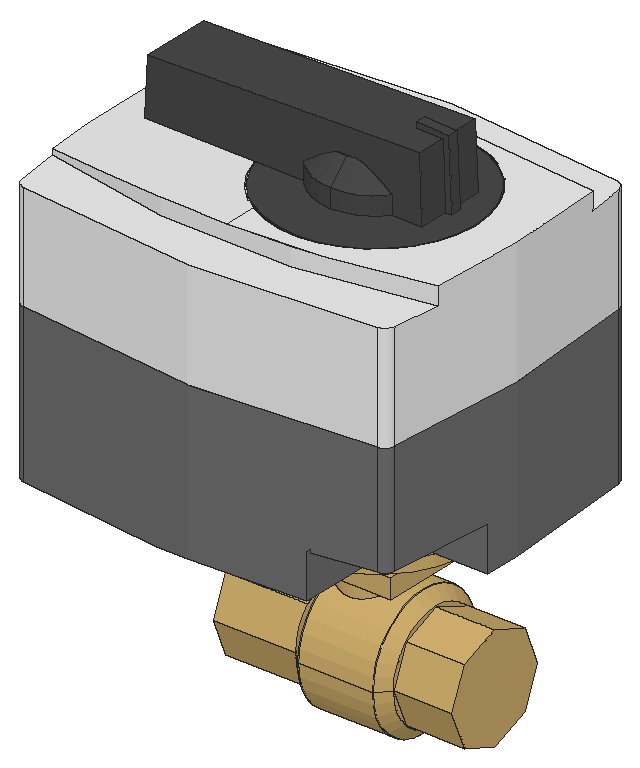
Revit family "AMZ 112_DN15-50_RFA", category Pipe Accessories, Revit 2019
Family settings
  Round Connector Dimension = Use Diameter
  Part Type = Valve - Breaks Into
  OmniClass Number = 23.65.55.14.17
  OmniClass Title = Adjusting/Controlling Valves for Liquid Services
  Work Plane-Based = No
  Always vertical = Yes
  Cut with Voids When Loaded = No
  Shared = No
Parameters (values of type "AMZ 112_DN15_24V_082G5400")
  Weight = 0.93 kg
  W_nut = 27.00 mm
  WS2 = -WS1  # -18.50 mm
  WS1 = 18.50 mm
  W [instance] = 84.00 mm
  Voltage = if(or(AMZ Actuator = [082G1638]), 230 V, if(or(AMZ Actuator = [082G1637], AMZ Actuator = [082G1638]), 24 V, 230 V))  # 24 V
  Valve Body Material = Danfoss Copper Alloy
  URL = "https://store.danfoss.com/en/Climate-Solutions-for-heating/Motorised-Control-Valves/On-off-Motorised-Zone-Valves/c/4103?q=%3Arelevance%3Adanfoss_producttypehierarchydesc%3AAMZ+112&page=0&pageSize=20"
  RV3 = 13.53 mm
  RV2 = 16.50 mm
  RV1 = 13.53 mm
  R1 = 8.50 mm
  Pressure Drop [instance] = 0.0 bar
  Power Supply = "24 VAC"
  Power Consumption = "2.5 VA"  # constant formula
  Power = 2.5 VA  # constant formula
  Nominal Flow (Text) = "PN 40"
  Model Type = "AMZ 112_DN15_24V"
  Model = "082G5400"
  Min Medium Temperature = "2 °C"  # constant formula
  Max Operating Pressure = "6 bar"  # constant formula
  Max Medium Temperature = "130 °C"  # constant formula
  Manufacturer = "Danfoss"  # constant formula
  LS = 37.70 mm
  LOD 350 = not(LOD 200)  # yes
  LOD 200 = no
  Length = 61.00 mm
  L3 = 3.00 mm
  L2 = 15.00 mm
  L1 = 21.00 mm
  L [instance] = 61.00 mm
  Kvs = 17.0 m³/h
  IfcExportType = "AMZ 112"  # constant formula
  IfcExportAs = "IfcValveType"  # constant formula
  HS = 5.00 mm
  H2 = H1 - HS  # 24.40 mm
  H1 = 29.40 mm
  H [instance] = 140.085 mm
  Flow [instance] = 0.0 m³/h
  Description = "Motorized Control Valve"  # constant formula
  D = 15.00 mm
  connector diameter = RV3 * 2  # 27.06 mm
  Connection = "Internal thread"  # constant formula
  AMZ Actuator = AMZ Actuator_RFA : AMZ 112/113 Actuator_24V_082G1637
  082G1638 = AMZ Actuator_RFA : AMZ 112/113 Actuator_230V_082G1638
  082G1637 = AMZ Actuator_RFA : AMZ 112/113 Actuator_24V_082G1637
Types (13, lengths in mm): name | Weight | W_nut | WS2 | WS1 | Voltage | RV3 | RV2 | RV1 | R1 | Power Supply | Nominal Flow (Text) | Model Type | Model | LS | Length | L3 | L2 | L1 | L | Kvs | HS | H2 | H1 | H | D | connector diameter | AMZ Actuator
  (no name) | 0.93 kg | 27.00 | -18.50 | 18.50 | 24 V | 13.53 | 16.50 | 13.53 | 8.50 | "24 VAC" | "PN 40" | "AMZ 112_DN15_24V" | "082G5400" | 37.70 | 61.00 | 3.00 | 15.00 | 21.00 | 61.00 | 17.0 m³/h | 5.00 | 24.40 | 29.40 | 140.085 | 15.00 | 27.06 | AMZ Actuator_RFA : AMZ 112/113 Actuator_24V_082G1637
  AMZ 112_DN15_24V_082G5400 | 0.93 kg | 27.00 | -18.50 | 18.50 | 24 V | 13.53 | 16.50 | 13.53 | 8.50 | "24 VAC" | "PN 40" | "AMZ 112_DN15_24V" | "082G5400" | 37.70 | 61.00 | 3.00 | 15.00 | 21.00 | 61.00 | 17.0 m³/h | 5.00 | 24.40 | 29.40 | 140.085 | 15.00 | 27.06 | AMZ Actuator_RFA : AMZ 112/113 Actuator_24V_082G1637
  AMZ 112_DN20_24V_082G5401 | 1.035 kg | 34.00 | -18.50 | 18.50 | 24 V | 17.00 | 19.50 | 17.00 | 8.50 | "24 VAC" | "PN 40" | "AMZ 112_DN20_24V" | "082G5401" | 37.70 | 69.50 | 3.00 | 24.50 | 16.50 | 130.00 | 28.0 m³/h | 5.00 | 28.00 | 33.00 | 200.685 | 20.00 | 34.00 | AMZ Actuator_RFA : AMZ 112/113 Actuator_24V_082G1637
  AMZ 112_DN25_24V_082G5402 | 1.258 kg | 41.30 | -21.00 | 21.00 | 24 V | 20.70 | 24.50 | 21.50 | 9.00 | "24 VAC" | "PN 40" | "AMZ 112_DN25_24V" | "082G5402" | 42.00 | 84.50 | 3.00 | 30.80 | 24.20 | 130.00 | 39.0 m³/h | 5.00 | 32.20 | 37.20 | 200.685 | 25.00 | 41.40 | AMZ Actuator_RFA : AMZ 112/113 Actuator_24V_082G1637
  AMZ 112_DN32_24V_082G5403 | 1.553 kg | 51.00 | -21.00 | 21.00 | 24 V | 25.50 | 30.00 | 25.50 | 11.00 | "24 VAC" | "PN 40" | "AMZ 112_DN32_24V" | "082G5403" | 42.00 | 98.50 | 6.00 | 26.20 | 30.00 | 130.00 | 84.0 m³/h | 5.50 | 42.00 | 47.50 | 200.685 | 32.00 | 51.00 | AMZ Actuator_RFA : AMZ 112/113 Actuator_24V_082G1637
  AMZ 112_DN40_24V_082G5404 | 1.956 kg | 60.00 | -21.00 | 21.00 | 24 V | 30.00 | 34.50 | 29.80 | 11.00 | "24 VAC" | "PN 25" | "AMZ 112_DN40_24V" | "082G5404" | 42.30 | 110.00 | 5.00 | 25.00 | 34.00 | 130.00 | 156.0 m³/h | 5.50 | 47.50 | 53.00 | 200.685 | 40.00 | 60.00 | AMZ Actuator_RFA : AMZ 112/113 Actuator_24V_082G1637
  AMZ 112_DN50_24V_082G5405 | 2.777 kg | 74.00 | -24.00 | 24.00 | 24 V | 37.00 | 42.50 | 39.50 | 13.00 | "24 VAC" | "PN 25" | "AMZ 112_DN50_24V" | "082G5405" | 48.20 | 130.00 | 3.00 | 41.50 | 32.50 | 130.00 | 243.0 m³/h | 5.50 | 58.50 | 64.00 | 200.685 | 50.00 | 74.00 | AMZ Actuator_RFA : AMZ 112/113 Actuator_24V_082G1637
  AMZ 112_DN15_230V_082G5406 | 0.832 kg | 27.00 | -18.50 | 18.50 | 230 V | 13.53 | 16.50 | 13.53 | 8.50 | "230 VAC" | "PN 40" | "AMZ 112_DN15_230V" | "082G5406" | 37.70 | 61.00 | 3.00 | 15.00 | 21.00 | 61.00 | 17.0 m³/h | 5.00 | 24.40 | 29.40 | 140.085 | 15.00 | 27.06 | AMZ Actuator_RFA : AMZ 112/113 Actuator_230V_082G1638
  AMZ 112_DN20_230V_082G5407 | 0.928 kg | 34.00 | -18.50 | 18.50 | 230 V | 17.00 | 19.50 | 17.00 | 8.50 | "230 VAC" | "PN 40" | "AMZ 112_DN20_230V" | "082G5407" | 37.70 | 69.50 | 3.00 | 24.50 | 16.50 | 69.50 | 28.0 m³/h | 5.00 | 28.00 | 33.00 | 200.685 | 20.00 | 34.00 | AMZ Actuator_RFA : AMZ 112/113 Actuator_230V_082G1638
  AMZ 112_DN25_230V_082G5408 | 0.00 kg | 41.30 | -21.00 | 21.00 | 230 V | 20.70 | 24.50 | 21.50 | 9.00 | "230 VAC" | "PN 40" | "AMZ 112_DN25_230V" | "082G5408" | 42.00 | 84.50 | 3.00 | 30.80 | 24.20 | 130.00 | 39.0 m³/h | 5.00 | 32.20 | 37.20 | 200.685 | 25.00 | 41.40 | AMZ Actuator_RFA : AMZ 112/113 Actuator_230V_082G1638
  AMZ 112_DN32_230V_082G5409 | 1.636 kg | 51.00 | -21.00 | 21.00 | 230 V | 25.50 | 30.00 | 25.50 | 11.00 | "230 VAC" | "PN 40" | "AMZ 112_DN32_230V" | "082G5409" | 42.00 | 98.50 | 6.00 | 26.20 | 30.00 | 130.00 | 84.0 m³/h | 5.50 | 42.00 | 47.50 | 200.685 | 32.00 | 51.00 | AMZ Actuator_RFA : AMZ 112/113 Actuator_230V_082G1638
  AMZ 112_DN40_230V_082G5410 | 1.95 kg | 60.00 | -21.00 | 21.00 | 230 V | 30.00 | 34.50 | 29.80 | 11.00 | "230 VAC" | "PN 25" | "AMZ 112_DN40_230V" | "082G5410" | 42.30 | 110.00 | 5.00 | 25.00 | 34.00 | 130.00 | 156.0 m³/h | 5.50 | 47.50 | 53.00 | 200.685 | 40.00 | 60.00 | AMZ Actuator_RFA : AMZ 112/113 Actuator_230V_082G1638
  AMZ 112_DN50_230V_082G5411 | 2.766 kg | 74.00 | -24.00 | 24.00 | 230 V | 37.00 | 42.50 | 39.50 | 13.00 | "230 VAC" | "PN 25" | "AMZ 112_DN50_230V" | "082G5411" | 48.20 | 130.00 | 3.00 | 41.50 | 32.50 | 130.00 | 243.0 m³/h | 5.50 | 58.50 | 64.00 | 200.685 | 50.00 | 74.00 | AMZ Actuator_RFA : AMZ 112/113 Actuator_230V_082G1638
Reference planes
  plane 1 "Center (Front/Back)": y = 0
  plane 2: z = 0
  plane 3 "Center (Left/Right)": x = 0
  plane 4: x = 30.5
  plane 5 "Y2": x = -30.5
  plane 6: z = 29.4
  plane 7 "Y3": x = -9.5
  plane 8 "Y1": x = 15.5
  plane 9: x = -6.5
  plane 10: x = 12.5
  plane 11: z = -16.5
  plane 12: y = 42
  plane 13: y = -42
  plane 14: through (0, 0, 0) normal (0, -0.7071, 0.7071)
  plane 15: through (0, 0, 0) normal (0, 0.7071, 0.7071)
Forms (mm)
  Revolve 1, solid, material "Danfoss Copper Alloy" <- "Valve Body Material", visible <- "LOD 200", detail levels fine
    sketch origin (0, 0, 0) x (1, 0, 0) y (0, 0, 1)
      loop
        line (-30.5, 0) -> (30.5, 0) -> (30.5, 13.53) -> (15.5, 13.53) -> (15.5, 16.5) -> (-9.5, 16.5) -> (-9.5, 13.53) -> (-30.5, 13.53) -> (-30.5, 0)
      axis (-30.5, 0) -> (30.5, 0)
    angle from 0 to 360
  Revolve 2, solid, material "Danfoss Copper Alloy" <- "Valve Body Material", detail levels fine
    sketch origin (0, 0, 0) x (1, 0, 0) y (0, 0, 1)
      loop
        line (0, 24.4) -> (0, 0) -> (8.5, 0) -> (8.5, 24.4) -> (0, 24.4)
      axis (0, 24.4) -> (0, 0)
    angle from 0 to 360
  Extrusion 3, solid, material "Danfoss Copper Alloy" <- "Valve Body Material", visible <- "LOD 350", detail levels fine
    sketch origin (0, 0, 0) x (0, 1, 0) y (0, 0, 1)
      loop
        circle (0, 0) r 16.5
    from -6.5 to 12.5
  Blend 4, solid, material "Danfoss Copper Alloy" <- "Valve Body Material", visible <- "LOD 350", detail levels fine
    base sketch origin (0, 0, 0) x (0, 1, 0) y (0, 0, 1)
      loop
        circle (0, 0) r 16.5
    top sketch origin (0, 0, 0) x (0, 1, 0) y (0, 0, 1)
      loop
        circle (0, 0) r 13.53
    from 12.5 to 15.5
  Blend 5, solid, material "Danfoss Copper Alloy" <- "Valve Body Material", visible <- "LOD 350", detail levels fine
    base sketch origin (0, 0, 0) x (0, 1, 0) y (0, 0, -1)
      loop
        circle (0, 0) r 16.5
    top sketch origin (0, 0, 0) x (0, 1, 0) y (0, 0, -1)
      loop
        circle (0, 0) r 13.53
    from 6.5 to 9.5
  Extrusion 6, solid, material "Danfoss Copper Alloy" <- "Valve Body Material", detail levels fine
    sketch origin (0, 0, 0) x (1, 0, 0) y (0, 0, 1)
      loop
        line (-18.85, 29.4) -> (-18.85, 24.4) -> (18.85, 24.4) -> (18.85, 29.4) -> (-18.85, 29.4)
    from -18.5 <- "WS2" to 18.5 <- "WS1"
  Extrusion 7, solid, material "Danfoss Copper Alloy" <- "Valve Body Material", visible <- "LOD 350", detail levels fine
    sketch origin (0, 0, 0) x (0, 1, 0) y (0, 0, 1)
      loop
        line (0, 13.5) -> (-9.546, 9.546) -> (-13.5, 0) -> (-9.546, -9.546) -> (0, -13.5) -> (9.546, -9.546) -> (13.5, 0) -> (9.546, 9.546) -> (0, 13.5)
    from 15.5 to 30.5
  Extrusion 8, solid, material "Danfoss Copper Alloy" <- "Valve Body Material", visible <- "LOD 350", detail levels fine
    sketch origin (0, 0, 0) x (0, 1, 0) y (0, 0, 1)
      loop
        line (0, 13.5) -> (-9.546, 9.546) -> (-13.5, 0) -> (-9.546, -9.546) -> (0, -13.5) -> (9.546, -9.546) -> (13.5, 0) -> (9.546, 9.546) -> (0, 13.5)
    from -30.5 to -9.5
Dimensions and locks
  "RV3": Revolve 1 sketch curve to level  (x2)
  "RV2": Revolve 1 sketch curve to level
  "H1": plane 6 to level
  "R1": Revolve 2 sketch curve to plane 3 "Center (Left/Right)"
  "Length": plane 4 to plane 5 "Y2"
  equal spacing: plane 4, plane 3 "Center (Left/Right)", plane 5 "Y2"
  "L1": plane 7 "Y3" to plane 5 "Y2"
  "L2": plane 8 "Y1" to plane 4
  "HS": plane 6 to Extrusion 6 sketch curve
  "LS": Extrusion 6 sketch curve to Extrusion 6 sketch curve
  equal spacing: Extrusion 6 sketch curve, plane 3 "Center (Left/Right)", Extrusion 6 sketch curve
  "RV2": level to plane 11
  equal spacing: plane 12, plane 1 "Center (Front/Back)", plane 13
  "W": plane 12 to plane 13
  "L3": plane 9 to plane 7 "Y3"
  "L3": plane 8 "Y1" to plane 10
  "W_nut": Extrusion 7 sketch curve to Extrusion 7 sketch curve  (x4)
  equal spacing: Extrusion 7 sketch curve, level, Extrusion 7 sketch curve
  equal spacing: Extrusion 7 sketch curve, plane 14, Extrusion 7 sketch curve
  equal spacing: Extrusion 7 sketch curve, plane 1 "Center (Front/Back)", Extrusion 7 sketch curve
  equal spacing: Extrusion 7 sketch curve, plane 15, Extrusion 7 sketch curve
  "W_nut": Extrusion 8 sketch curve to Extrusion 8 sketch curve  (x4)
  equal spacing: Extrusion 8 sketch curve, level, Extrusion 8 sketch curve
  equal spacing: Extrusion 8 sketch curve, plane 14, Extrusion 8 sketch curve
  equal spacing: Extrusion 8 sketch curve, plane 15, Extrusion 8 sketch curve
  equal spacing: Extrusion 8 sketch curve, plane 1 "Center (Front/Back)", Extrusion 8 sketch curve
  "L": plane 5 "Y2" to plane 4
  "H": nested 2 to plane 11
  "RV2": radius of Extrusion 3 sketch curve
  "RV2": radius of Blend 4 sketch curve
  "RV1": radius of Blend 4 sketch curve
  "RV2": radius of Blend 5 sketch curve
  "RV1": radius of Blend 5 sketch curve
  locked: plane 14 to level (angle 45.00°)
  locked: level to plane 15 (angle 45.00°)
  aligned and locked: level to plane 2
  aligned and locked: Revolve 1 sketch curve to level  (x2)
  aligned and locked: Revolve 1 sketch curve to plane 4
  aligned and locked: plane 5 "Y2" to Revolve 1 sketch curve
  aligned and locked: Revolve 2 sketch curve to plane 3 "Center (Left/Right)"  (x2)
  aligned and locked: Revolve 2 sketch curve to level
  aligned and locked: plane 1 "Center (Front/Back)" to Extrusion 3 sketch curve
  aligned and locked: level to Extrusion 3 sketch curve
  aligned and locked: Blend 4 to plane 8 "Y1"
  aligned and locked: Blend 4 to plane 10
  aligned and locked: plane 9 to Blend 5
  aligned and locked: plane 7 "Y3" to Blend 5
  aligned and locked: level to Blend 5 sketch curve  (x2)
  aligned and locked: plane 1 "Center (Front/Back)" to Blend 5 sketch curve  (x2)
  aligned and locked: plane 1 "Center (Front/Back)" to Blend 4 sketch curve  (x2)
  aligned and locked: level to Blend 4 sketch curve  (x2)
  aligned and locked: Extrusion 6 sketch curve to plane 6
  aligned and locked: Extrusion 6 to Revolve 2 sketch curve
  aligned and locked: plane 3 "Center (Left/Right)" to nested 1
  aligned and locked: plane 1 "Center (Front/Back)" to nested 1
  aligned and locked: nested 1 to Extrusion 6
  aligned and locked: plane 3 "Center (Left/Right)" to nested 2
  aligned and locked: plane 6 to nested 2
  aligned and locked: plane 1 "Center (Front/Back)" to nested 2
  aligned and locked: Extrusion 3 to plane 9
  aligned and locked: plane 10 to Extrusion 3
  aligned and locked: plane 8 "Y1" to Extrusion 7
  aligned and locked: plane 4 to Extrusion 7
  aligned and locked: Extrusion 8 to plane 5 "Y2"
  aligned and locked: Extrusion 8 to plane 7 "Y3"
  aligned and locked: Revolve 1 sketch curve to plane 7 "Y3"
  aligned and locked: Revolve 1 sketch curve to plane 8 "Y1"
Automatic sketch dimensions
  Revolve 1 sketch curve to plane 5 "Y2" = 1296.99 mm
  plane 4 to Revolve 1 sketch curve = 1843.983 mm
  Revolve 2 sketch curve to plane 11 = 323.545 mm
  plane 6 to Revolve 2 sketch curve = 2184.915 mm
  Extrusion 7 sketch curve to plane 15 = 0.00 mm
  Extrusion 7 sketch curve to plane 14 = 0.00 mm
  Extrusion 7 sketch curve to plane 1 "Center (Front/Back)" = 0.00 mm  (x2)
  plane 15 to Extrusion 7 sketch curve = 0.00 mm
  plane 14 to Extrusion 7 sketch curve = 0.00 mm
  Extrusion 7 sketch curve to level = 0.00 mm  (x2)
  Extrusion 8 sketch curve to plane 15 = 0.00 mm
  Extrusion 8 sketch curve to plane 14 = 0.00 mm
  Extrusion 8 sketch curve to plane 1 "Center (Front/Back)" = 0.00 mm  (x2)
  plane 15 to Extrusion 8 sketch curve = 0.00 mm
  plane 14 to Extrusion 8 sketch curve = 0.00 mm
  Extrusion 8 sketch curve to level = 0.00 mm  (x2)
Nested families
  nested 1: "Schematic_Motorized Control Valve" at (0, 0, 0), type "Schematic_Motorized Control Valve", detail levels coarse+medium
  nested 2: "AMZ Actuator_RFA" at (0, 0, 29.4), Voltage <- "Voltage", Power <- "Power", LOD 200 <- "LOD 200", type <- "AMZ Actuator", type "AMZ 112/113 Actuator_24V_082G1637", detail levels fine
    with Voltage 24 V, Power 2.5 VA, LOD 350 yes, LOD 200 no
Connectors
  electrical at (0, 0, 0), driven by "Voltage", driven by "Power"
    settings: index 1, voltage 24 V, apparent load 0 VA, apparent load phase1 2.5 VA, apparent load phase2 0 VA, apparent load phase3 0 VA, power factor 0.95, load classification "HVAC", number of poles 1, system type 31, power factor state 1, is connector primary yes, connector utility no, sub classification motor no, connector description ""
  piping at (30.5, 0, 0), diameter 15, driven by "D", driven by "Flow"
    settings: on Extrusion 7, index 2, connector inside diameter 609.6 mm, connector length 0.00 mm, flow factor 0, pipe flow 0.0 m³/h, pressure drop 0.0 bar, fitting loss kfactor 0, connector angle 0.00°, fixture units 0, engagement length 0.00 mm, angle of deflection 0.00°, flow configuration 0, flow direction 0, fitting loss method 0, system type 29, joint type 0, gender type 0, connector reference index 3, connector utility 0, adjustable connector no, is connector primary yes, connector description ""
  piping at (-30.5, 0, 0), diameter 15, driven by "D", driven by "Flow"
    settings: on Extrusion 8, index 3, connector inside diameter 609.6 mm, connector length 0.00 mm, flow factor 0, pipe flow 0.0 m³/h, pressure drop 0.0 bar, fitting loss kfactor 0, connector angle 0.00°, fixture units 0, engagement length 0.00 mm, angle of deflection 0.00°, flow configuration 0, flow direction 0, fitting loss method 0, system type 29, joint type 0, gender type 0, connector reference index 2, connector utility 0, adjustable connector no, is connector primary no, connector description ""
Definition of nested family "AMZ Actuator_RFA"
  Parameters (values of type "AMZ 112/113 Actuator_24V_082G1637")
    Weight = 0.728 kg  # constant formula
    W [instance] = 84.00 mm
    Voltage [instance] = 24 V
    URL = "https://store.danfoss.com/en/Climate-Solutions-for-heating/Motorised-Control-Valves/Actuators-for-Globe-Valves/Accessories-for-actuators/c/4112?q=%3Arelevance%3Adanfoss_producttypehierarchydesc%3ANon-standard+Accesories+-+Electr+Act&text="
    Speed = "30 / 60 sec/90°"  # constant formula
    Power Supply = "24 VAC"
    Power Consumption = "2.5 VA"  # constant formula
    Power [instance] = 2.5 VA
    Operating Torque = "5 / 10 / 15 Nm"  # constant formula
    Model Type = "AMZ 112/113 Actuator_24V"
    Model = "082G1637"
    Min Ambient Temperature = "0 °C"  # constant formula
    Max Medium Temperature = "110 °C"  # constant formula
    Max Ambient Temperature = "50 °C"  # constant formula
    Manufacturer = "Danfoss"  # constant formula
    LOD 350 [instance] = not(LOD 200)  # yes
    LOD 200 [instance] = no
    L [instance] = 101.00 mm
    IfcExportType = "AMZ Actuator"  # constant formula
    IfcExportAs = "IfcActuatorType"  # constant formula
    H [instance] = 94.185 mm
    Description = "Gear Actuator"  # constant formula
    Control Input Signal = "2-point"  # constant formula
    Body Material = none
  Types (3, lengths in mm): name | Voltage | Power Supply | Model Type | Model
    (no name) | 24 V | "24 VAC" | "AMZ 112/113 Actuator_24V" | "082G1637"
    AMZ 112/113 Actuator_24V_082G1637 | 24 V | "24 VAC" | "AMZ 112/113 Actuator_24V" | "082G1637"
    AMZ 112/113 Actuator_230V_082G1638 | 230 V | "230 VAC" | "AMZ 112/113 Actuator_230V" | "082G1638"
  Reference planes
    plane 1 "Center (Front/Back)": y = 0
    plane 2: z = 0
    plane 3 "Center (Left/Right)": x = 0
    plane 4: z = 3
    plane 5: y = -41.931
    plane 6: y = 42.069
    plane 7: x = 36.5
    plane 8: x = -64.5
    plane 9: y = 36.069
    plane 10: x = 30.5
    plane 11: x = -61.5
    plane 12: x = 33.5
    plane 13: y = 39.069
    plane 14: y = -38.931
    plane 15: x = -58.5
    plane 16: y = -35.931
    plane 17: x = -14
    plane 18: z = 43
    plane 19: y = 36.069
    plane 20: x = 160.5
    plane 21: x = 68.5
    plane 22: x = 163.5
    plane 23: y = 39.069
    plane 24: y = -38.931
    plane 25: x = 71.5
    plane 26: y = -35.931
    plane 27: x = 116
    plane 28: z = 74.972
    plane 29: y = -9.5
    plane 30: z = 94.185
  Forms (mm)
    Revolve 1, solid, detail levels fine
      sketch origin (0, 0, 0) x (1, 0, 0) y (0, 0, 1)
        loop
          line (0, 3) -> (0, 0) -> (24.993, 0) -> (24.993, 3) -> (0, 3)
        axis (0, 3) -> (0, 0)
      angle from 0 to 360
    Extrusion 2, solid, visible <- "LOD 350", detail levels fine
      sketch origin (0, 0, 0) x (1, 0, 0) y (0, 0, 1)
        loop
          line (-51.913, 76) -> (18.847, 76) -> (18.304, 92.724)
          arc (18.304, 92.724) -> (-16.442, 92.774) -> (-51.134, 90.849) r 611.014
          line (-51.134, 90.849) -> (-51.913, 76)
      from -9.091 to 8.652
    Extrusion 3, solid, visible <- "LOD 350", detail levels fine
      sketch origin (0, 0, 0) x (1, 0, 0) y (0, 0, 1)
        loop
          line (18.304, 92.724) -> (18.847, 76) -> (20.557, 76) -> (19.789, 93.9) -> (11.632, 94.185) -> (11.632, 92.887)
          arc (11.632, 92.887) -> (14.968, 92.815) -> (18.304, 92.724) r 611.014
      from -1.24 to 1.241
    Extrusion 4, solid, material <- "Body Material", visible <- "LOD 350", detail levels fine
      sketch origin (0, 0, 0) x (1, 0, 0) y (0, 1, 0)
        loop
          arc (-59.389, 38.075) -> (-61.013, 37.216) -> (-61.831, 35.571) r 3
          arc (-61.831, 35.571) -> (-64.511, 0) -> (-61.831, -35.571) r 237.436
          arc (-61.831, -35.571) -> (-61.013, -37.216) -> (-59.389, -38.075) r 3
          arc (-59.389, -38.075) -> (-14.052, -42.151) -> (31.314, -38.419) r 265.38
          arc (31.314, -38.419) -> (32.951, -37.564) -> (33.778, -35.913) r 3
          arc (33.778, -35.913) -> (36.5, -0.174) -> (33.83, 35.57) r 238.281
          arc (33.83, 35.57) -> (33.012, 37.216) -> (31.388, 38.076) r 3
          arc (31.388, 38.076) -> (-14.001, 42.069) -> (-59.389, 38.075) r 259.947
      from 3 to 43
    Extrusion 5, solid, visible <- "LOD 350", detail levels fine
      sketch origin (130, 0, 0) x (1, 0, 0) y (0, 1, 0)
        loop
          arc (-189.389, 38.075) -> (-191.013, 37.216) -> (-191.831, 35.571) r 3
          arc (-191.831, 35.571) -> (-194.511, 0) -> (-191.831, -35.571) r 237.436
          arc (-191.831, -35.571) -> (-191.013, -37.216) -> (-189.389, -38.075) r 3
          arc (-189.389, -38.075) -> (-144.052, -42.151) -> (-98.686, -38.419) r 265.38
          arc (-98.686, -38.419) -> (-97.049, -37.564) -> (-96.222, -35.913) r 3
          arc (-96.222, -35.913) -> (-93.5, -0.174) -> (-96.17, 35.57) r 238.281
          arc (-96.17, 35.57) -> (-96.988, 37.216) -> (-98.612, 38.076) r 3
          arc (-98.612, 38.076) -> (-144.001, 42.069) -> (-189.389, 38.075) r 259.947
      from 43 to 79.57
    Extrusion 6, void
      sketch origin (0, 0, 0) x (1, 0, 0) y (0, 1, 0)
        loop
          arc (-61.831, 35.571) -> (-62.54, 30.529) -> (-63.14, 25.473) r 237.436
          arc (-63.14, 25.473) -> (-14.003, 29.568) -> (35.135, 25.473) r 296.829
          arc (35.135, 25.473) -> (34.536, 30.528) -> (33.83, 35.57) r 238.281
          arc (33.83, 35.57) -> (33.012, 37.216) -> (31.388, 38.076) r 3
          arc (31.388, 38.076) -> (-14.001, 42.069) -> (-59.389, 38.075) r 259.947
          arc (-59.389, 38.075) -> (-61.013, 37.216) -> (-61.831, 35.571) r 3
      from 70.3 to 80.3
    Extrusion 7, void
      sketch origin (0, 0, 0) x (1, 0, 0) y (0, 0, 1)
        loop
          line (-64.511, 43) -> (-64.511, 71.589)
          arc (-64.511, 71.589) -> (-39.061, 74.125) -> (-13.5, 74.972) r 386.286
          line (-13.5, 74.972) -> (36.5, 74.972) -> (36.5, 43) -> (41.5, 43) -> (41.5, 101.008) -> (-69.523, 101.008) -> (-69.523, 43) -> (-64.511, 43)
      from -62.358 to 46.308
    Extrusion 8, void
      sketch origin (0, 0, 0) x (1, 0, 0) y (0, 1, 0)
        loop
          line (-64.592, -23.625) -> (-62.779, -37.97)
          arc (-62.779, -37.97) -> (-14.187, -43.401) -> (34.407, -37.976) r 220.211
          line (34.407, -37.976) -> (36.595, -23.622)
          arc (36.595, -23.622) -> (-13.998, -30.547) -> (-64.592, -23.625) r 188.309
      from 70.3 to 82.3
    Revolve 9, solid, visible <- "LOD 350", detail levels fine
      sketch origin (0, 0, 0) x (0, 1, 0) y (0, 0, 1)
        loop
          line (0, 85.755) -> (0, 74.972) -> (10.185, 74.972) -> (10.185, 75.972) -> (14.169, 75.972) -> (14.169, 80.594) -> (9.007, 85.755) -> (0, 85.755)
        axis (0, 85.755) -> (0, 74.972)
      angle from 0 to 360
    Extrusion 10, solid, visible <- "LOD 350", detail levels fine
      sketch origin (0, 0, 0) x (1, 0, 0) y (0, 1, 0)
        loop
          circle (0, 0) r 25.661
      from 43 to 74.972
    Extrusion 11, void
      sketch origin (0, 0, 0) x (1, 0, 0) y (0, 0, 1)
        loop
          line (15.14, 3) -> (36.5, 3) -> (36.5, 14.359) -> (15.14, 14.359) -> (15.14, 3)
      from 9.5 to 49.81
    Extrusion 12, void
      sketch origin (0, 0, 0) x (1, 0, 0) y (0, 1, 0)
        loop
          circle (0, 0) r 26
      from 74.8 to 81.069
    Extrusion 13, solid, material <- "Body Material", visible <- "LOD 200", detail levels fine
      sketch origin (0, 0, 0) x (1, 0, 0) y (0, 1, 0)
        loop
          line (-64.5, 42.069) -> (-64.5, -41.931) -> (36.5, -41.931) -> (36.5, 42.069) -> (-64.5, 42.069)
      from 3 to 43
    Extrusion 14, solid, visible <- "LOD 200", detail levels fine
      sketch origin (0, 0, 0) x (1, 0, 0) y (0, 1, 0)
        loop
          line (-64.5, 42.069) -> (-64.5, -41.931) -> (36.5, -41.931) -> (36.5, 42.069) -> (-64.5, 42.069)
      from 43 to 74.972
    Extrusion 15, solid, visible <- "LOD 200", detail levels fine
      sketch origin (0, 0, 0) x (1, 0, 0) y (0, 1, 0)
        loop
          circle (0, 0) r 25.661
      from 74.972 to 76
    Extrusion 16, solid, visible <- "LOD 200", detail levels fine
      sketch origin (0, 0, 0) x (1, 0, 0) y (0, 0, 1)
        loop
          line (-51.913, 76) -> (20.557, 76) -> (20.557, 93.689) -> (-51.913, 93.689) -> (-51.913, 76)
      from -9.09 to 8.65
  Cuts and joins
    Extrusion 6, Extrusion 7, Extrusion 8, Extrusion 12 cuts Extrusion 5
    Extrusion 11, Extrusion 12 cuts Extrusion 4
    Extrusion 12 cuts Revolve 1
  Dimensions and locks
    Revolve 1 sketch curve to plane 3 "Center (Left/Right)" = 24.993 mm
    "W": plane 6 to plane 5
    "L": plane 7 to plane 8
    locked: plane 18 to level at 43
    locked: plane 29 to plane 1 "Center (Front/Back)" at 9.5
    "H": plane 30 to level
    plane 6 to plane 5 = 84.00 mm
    radius of Extrusion 5 sketch curve = 238.281 mm
    radius of Extrusion 5 sketch curve = 237.436 mm
    radius of Extrusion 5 sketch curve = 265.38 mm
    radius of Extrusion 5 sketch curve = 259.947 mm
    radius of Extrusion 4 sketch curve = 265.38 mm
    radius of Extrusion 4 sketch curve = 259.947 mm
    radius of Extrusion 4 sketch curve = 237.436 mm
    radius of Extrusion 4 sketch curve = 238.281 mm
    radius of Extrusion 10 sketch curve = 25.661 mm
    radius of Extrusion 12 sketch curve = 26.00 mm
    radius of Extrusion 15 sketch curve = 25.661 mm
    aligned and locked: level to plane 2
    aligned and locked: Revolve 1 sketch curve to plane 3 "Center (Left/Right)"  (x2)
    aligned and locked: Revolve 1 sketch curve to level
    aligned and locked: Revolve 1 sketch curve to plane 4
    aligned and locked: Extrusion 3 sketch curve to Extrusion 2  (x2)
    aligned and locked: Extrusion 4 to plane 4
    aligned and locked: plane 18 to Extrusion 4
    aligned and locked: Extrusion 5 to plane 18
    aligned and locked: Extrusion 6 sketch curve to Extrusion 4  (x5)
    aligned and locked: plane 1 "Center (Front/Back)" to Revolve 9 sketch curve
    aligned and locked: plane 28 to Revolve 9 sketch curve
    aligned and locked: plane 28 to Extrusion 10
    aligned and locked: Extrusion 10 to Extrusion 4
    aligned and locked: plane 7 to Extrusion 11 sketch curve
    aligned and locked: plane 29 to cut or joined group of Extrusion 4, Extrusion 11, Extrusion 12
    aligned and locked: Extrusion 13 sketch curve to plane 6
    aligned and locked: plane 8 to Extrusion 13 sketch curve
    aligned and locked: plane 5 to Extrusion 13 sketch curve
    aligned and locked: Extrusion 13 sketch curve to plane 7
    aligned and locked: plane 18 to Extrusion 13
    aligned and locked: Extrusion 14 sketch curve to Extrusion 13  (x4)
    aligned and locked: Extrusion 14 to plane 18
    aligned and locked: plane 28 to Extrusion 14
    aligned and locked: Extrusion 15 to plane 28
    aligned and locked: Extrusion 13 to plane 4
    aligned and locked: Extrusion 15 to Extrusion 2
  Automatic sketch dimensions
    Revolve 1 sketch curve to level = 366.045 mm
    Extrusion 3 sketch curve to Extrusion 3 sketch curve = 6.672 mm
    plane 28 to Extrusion 3 sketch curve = 1.028 mm
    Extrusion 3 sketch curve to Extrusion 3 sketch curve = 1.485 mm
    Extrusion 3 sketch curve to Extrusion 3 sketch curve = 1.711 mm
    plane 1 "Center (Front/Back)" to Extrusion 5 sketch curve = 0.00 mm  (x2)
    Extrusion 5 sketch curve to plane 8 = 137.281 mm
    Extrusion 5 sketch curve to plane 19 = 0.947 mm  (x2)
    plane 8 to Extrusion 5 sketch curve = 5.635 mm  (x2)
    plane 26 to Extrusion 5 sketch curve = 0.81 mm
    Extrusion 5 sketch curve to plane 3 "Center (Left/Right)" = 14.00 mm
    Extrusion 5 sketch curve to plane 3 "Center (Left/Right)" = 13.048 mm
    plane 26 to Extrusion 5 sketch curve = 0.471 mm
    Extrusion 5 sketch curve to plane 7 = 5.688 mm
    Extrusion 5 sketch curve to plane 7 = 5.636 mm
    plane 22 to Extrusion 5 sketch curve = 9.425 mm
    Extrusion 5 sketch curve to plane 5 = 175.947 mm
    plane 6 to Extrusion 5 sketch curve = 181.159 mm
    Extrusion 5 sketch curve to Extrusion 5 sketch curve = 0.00 mm  (x4)
    Extrusion 6 sketch curve to plane 3 "Center (Left/Right)" = 14.003 mm
    Extrusion 6 sketch curve to Extrusion 6 sketch curve = 49.382 mm
    plane 8 to Extrusion 6 sketch curve = 1.36 mm
    plane 5 to Extrusion 8 sketch curve = 3.962 mm
    plane 5 to Extrusion 8 sketch curve = 3.956 mm
    Extrusion 8 sketch curve to plane 8 = 0.092 mm
    Extrusion 8 sketch curve to plane 3 "Center (Left/Right)" = 14.003 mm
    plane 7 to Extrusion 8 sketch curve = 0.095 mm
    plane 6 to Extrusion 8 sketch curve = 115.693 mm
    Extrusion 8 sketch curve to Extrusion 8 sketch curve = 19.048 mm
    plane 8 to Extrusion 8 sketch curve = 1.721 mm
    Extrusion 8 sketch curve to plane 7 = 2.093 mm
    Extrusion 8 sketch curve to Extrusion 8 sketch curve = 14.354 mm
    Extrusion 7 sketch curve to plane 18 = 0.00 mm  (x2)
    Extrusion 7 sketch curve to plane 28 = 0.00 mm
    Extrusion 7 sketch curve to plane 7 = 0.00 mm
    Extrusion 7 sketch curve to plane 3 "Center (Left/Right)" = 13.50 mm
    Extrusion 7 sketch curve to plane 8 = 5.023 mm
    plane 7 to Extrusion 7 sketch curve = 5.00 mm
    Extrusion 7 sketch curve to level = 311.315 mm
    plane 28 to Extrusion 7 sketch curve = 26.036 mm
    Extrusion 7 sketch curve to plane 8 = 0.011 mm
    plane 3 "Center (Left/Right)" to Extrusion 2 sketch curve = 0.049 mm
    Extrusion 2 sketch curve to plane 7 = 18.196 mm
    plane 28 to Extrusion 2 sketch curve = 1.028 mm
    Extrusion 2 sketch curve to Extrusion 2 sketch curve = 0.543 mm
    Extrusion 2 sketch curve to level = 518.017 mm
    plane 8 to Extrusion 2 sketch curve = 12.587 mm
    Revolve 9 sketch curve to plane 1 "Center (Front/Back)" = 9.007 mm
    Revolve 9 sketch curve to Revolve 9 sketch curve = 5.161 mm  (x2)
    Revolve 9 sketch curve to Revolve 9 sketch curve = 4.622 mm
    Revolve 9 sketch curve to Revolve 9 sketch curve = 3.984 mm
    plane 28 to Revolve 9 sketch curve = 1.00 mm
    plane 1 "Center (Front/Back)" to Extrusion 10 sketch curve = 0.00 mm
    Extrusion 10 sketch curve to plane 3 "Center (Left/Right)" = 0.00 mm
    plane 4 to Extrusion 11 sketch curve = 11.359 mm
    Extrusion 11 sketch curve to plane 4 = 0.00 mm
    plane 1 "Center (Front/Back)" to Extrusion 4 sketch curve = 0.00 mm  (x2)
    Extrusion 4 sketch curve to plane 17 = 0.00 mm
    Extrusion 4 sketch curve to plane 15 = 0.365 mm  (x2)
    Extrusion 4 sketch curve to plane 8 = 137.281 mm
    plane 17 to Extrusion 4 sketch curve = 0.952 mm
    plane 10 to Extrusion 4 sketch curve = 0.312 mm
    plane 10 to Extrusion 4 sketch curve = 0.364 mm
    plane 7 to Extrusion 4 sketch curve = 136.425 mm
    plane 16 to Extrusion 4 sketch curve = 0.81 mm
    plane 16 to Extrusion 4 sketch curve = 0.471 mm
    Extrusion 4 sketch curve to plane 5 = 175.947 mm
    Extrusion 4 sketch curve to plane 9 = 0.947 mm  (x2)
    plane 6 to Extrusion 4 sketch curve = 181.159 mm
    Extrusion 4 sketch curve to Extrusion 4 sketch curve = 0.00 mm  (x4)
    plane 1 "Center (Front/Back)" to Extrusion 12 sketch curve = 0.00 mm
    Extrusion 12 sketch curve to plane 3 "Center (Left/Right)" = 0.00 mm
    plane 3 "Center (Left/Right)" to Extrusion 11 sketch curve = 15.14 mm
    plane 1 "Center (Front/Back)" to Extrusion 15 sketch curve = 0.00 mm
    Extrusion 15 sketch curve to plane 3 "Center (Left/Right)" = 0.00 mm
    plane 8 to Extrusion 16 sketch curve = 12.587 mm
    plane 28 to Extrusion 16 sketch curve = 1.028 mm
    Extrusion 16 sketch curve to plane 7 = 15.943 mm
    plane 28 to Revolve 1 sketch curve = 2139.343 mm
    plane 8 to Extrusion 2 sketch curve = 13.366 mm
    Extrusion 2 sketch curve to Extrusion 2 sketch curve = 14.849 mm
    Extrusion 3 sketch curve to Extrusion 3 sketch curve = 1.176 mm
    Extrusion 3 sketch curve to Extrusion 3 sketch curve = 1.298 mm
    Extrusion 16 sketch curve to Extrusion 16 sketch curve = 17.689 mm
Definition of nested family "Schematic_Motorized Control Valve"
  Parameters (values of type "Schematic_Motorized Control Valve")
    L = 90.00 mm
    connector diameter = 26.40 mm
    H1 = 30.00 mm
    L/3 = L / 3  # 30.00 mm
  Reference planes
    plane 1 "Center (Front/Back)": y = 0
    plane 2: z = 0
    plane 3 "Center (Left/Right)": x = 0
    plane 4: y = 45
    plane 5: y = -13.2
    plane 6: y = 13.2
    plane 7: z = 13.2
    plane 8: z = -13.2
    plane 9: z = 30
    plane 10: x = -15
    plane 11: x = 15
    plane 12: y = 30
    plane 13: x = -45
    plane 14: x = 45
    plane 15: z = 60
    plane 16: y = 60
  Lines and regions (mm)
    symbolic lines
      curve 1: line (-45, 13.2, 0) -> (45, -13.2, 0)
      curve 2: line (45, 13.2, 0) -> (-45, -13.2, 0)
      curve 8: line (0, 0, 0) -> (0, 30, 0)
      curve 9: line (-15, 60, 0) -> (15, 60, 0)
      curve 10: line (-15, 30, 0) -> (-15, 60, 0)
      curve 11: line (15, 30, 0) -> (-15, 30, 0)
      curve 12: line (15, 60, 0) -> (15, 30, 0)
      curve 13: line (-45, -13.2, 0) -> (-45, 13.2, 0)
      curve 14: line (45, -13.2, 0) -> (45, 13.2, 0)
    model lines
      curve 3: line (0, 0, 0) -> (0, 0, 30)
      curve 4: line (-15, 0, 60) -> (15, 0, 60)
      curve 5: line (-15, 0, 30) -> (-15, 0, 60)
      curve 6: line (15, 0, 30) -> (-15, 0, 30)
      curve 7: line (15, 0, 60) -> (15, 0, 30)
      curve 15: line (-45, 0, 13.2) -> (-45, 0, -13.2)
      curve 16: line (45, 0, 13.2) -> (45, 0, -13.2)
      curve 17: line (-45, 0, -13.2) -> (45, 0, 13.2)
      curve 18: line (-45, 0, 13.2) -> (45, 0, -13.2)
  Dimensions and locks
    equal spacing: plane 6, plane 1 "Center (Front/Back)", plane 5
    "connector diameter": plane 6 to plane 5
    equal spacing: plane 7, level, plane 8
    "connector diameter": plane 7 to plane 8
    "L/3": plane 15 to plane 9
    "L/3": plane 16 to plane 12
    equal spacing: plane 11, plane 3 "Center (Left/Right)", plane 10
    equal spacing: plane 14, plane 3 "Center (Left/Right)", plane 13
    "L": plane 14 to plane 13
    "L/3": plane 11 to plane 10
    "H1": plane 9 to level
    "H1": plane 1 "Center (Front/Back)" to plane 12
    equal spacing: plane 16, plane 4, plane 12
    equal spacing: plane 10, plane 3 "Center (Left/Right)", plane 11
    aligned and locked: level to plane 2
    aligned and locked: plane 10 to curve 5
    aligned and locked: plane 9 to curve 6
    aligned and locked: curve 7 to plane 11
    aligned and locked: plane 10 to curve 10
    aligned and locked: plane 12 to curve 11
    aligned and locked: curve 12 to plane 11
    aligned and locked: plane 13 to curve 13
    aligned and locked: plane 14 to curve 14
    aligned and locked: plane 6 to curve 14
    aligned and locked: plane 5 to curve 14
    aligned and locked: plane 6 to curve 13
    aligned and locked: plane 5 to curve 13
    aligned and locked: curve 15 to plane 13
    aligned and locked: plane 8 to curve 15
    aligned and locked: plane 7 to curve 15
    aligned and locked: curve 16 to plane 14
    aligned and locked: plane 8 to curve 16
    aligned and locked: plane 7 to curve 16
    aligned and locked: curve 4 to plane 15
    aligned and locked: curve 9 to plane 16
    aligned and locked: plane 3 "Center (Left/Right)" to curve 3
  Automatic sketch dimensions
    plane 1 "Center (Front/Back)" to curve 8 = 0.00 mm
